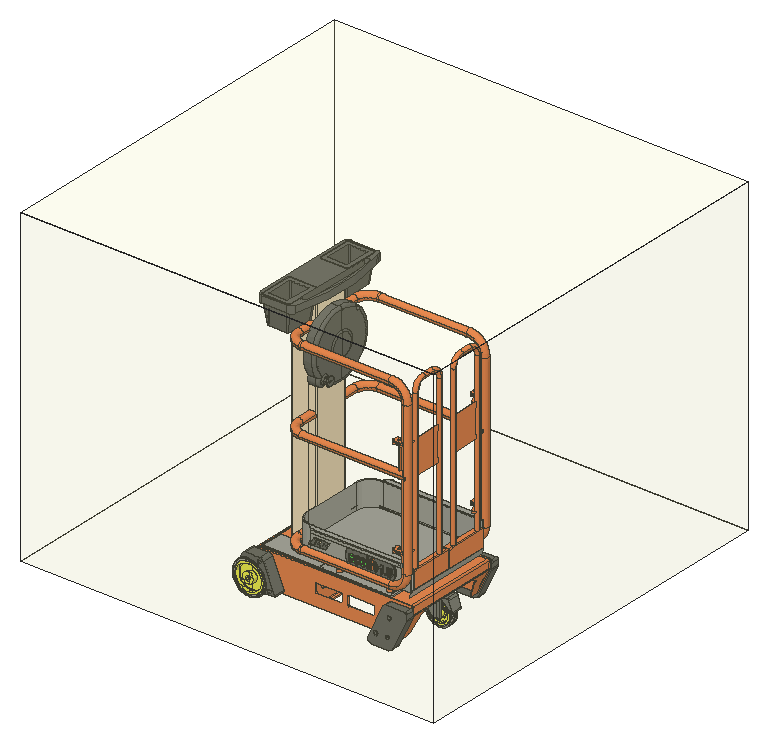
Revit family "JLG_Site_LowLevelAccess_ECOLIFT15_ORANGEa", category Site, Revit 2017 (continued)
Definition of nested family "JLG_Eco lift 1.5_Base"
  Automatic sketch dimensions
    Extrusion 15 sketch curve to Extrusion 15 sketch curve = 42.379 mm
    Extrusion 15 sketch curve to Extrusion 15 sketch curve = 0.255 mm
    Extrusion 16 sketch curve to plane 12 = 35 mm
    Extrusion 16 sketch curve to plane 11 = 6.206 mm
    Extrusion 16 sketch curve to Extrusion 16 sketch curve = 0 mm  (x5)
    plane 12 to Extrusion 16 sketch curve = 18.138 mm
    Extrusion 16 sketch curve to Extrusion 16 sketch curve = 18.109 mm  (x2)
    plane 11 to Extrusion 16 sketch curve = 17.826 mm
    Extrusion 16 sketch curve to plane 12 = 5.893 mm
    Extrusion 16 sketch curve to Extrusion 16 sketch curve = 23 mm
    Extrusion 16 sketch curve to Extrusion 16 sketch curve = 23.781 mm
    Extrusion 16 sketch curve to Extrusion 16 sketch curve = 10 mm  (x2)
    Extrusion 16 sketch curve to Extrusion 16 sketch curve = 39.483 mm
    Extrusion 16 sketch curve to Extrusion 16 sketch curve = 39.327 mm
    Extrusion 16 sketch curve to Extrusion 16 sketch curve = 5.647 mm
    Extrusion 16 sketch curve to Extrusion 16 sketch curve = 6.272 mm
    Extrusion 16 sketch curve to Extrusion 16 sketch curve = 10.517 mm  (x2)
    plane 11 to Extrusion 16 sketch curve = 48.149 mm
    Extrusion 16 sketch curve to Extrusion 16 sketch curve = 20.103 mm
    plane 12 to Extrusion 16 sketch curve = 49.216 mm
    Extrusion 16 sketch curve to Extrusion 16 sketch curve = 22.735 mm
    Extrusion 16 sketch curve to Extrusion 16 sketch curve = 49.115 mm
    Extrusion 16 sketch curve to Extrusion 16 sketch curve = 48.49 mm
    Extrusion 16 sketch curve to plane 12 = 35.098 mm
    Extrusion 16 sketch curve to Extrusion 16 sketch curve = 14.581 mm
    Extrusion 16 sketch curve to Extrusion 16 sketch curve = 15 mm
    Extrusion 16 sketch curve to Extrusion 16 sketch curve = 32.189 mm
    Extrusion 16 sketch curve to Extrusion 16 sketch curve = 53.359 mm
    Extrusion 16 sketch curve to plane 11 = 10.625 mm  (x2)
    Extrusion 16 sketch curve to Extrusion 16 sketch curve = 29.419 mm
    Extrusion 16 sketch curve to plane 11 = 35.723 mm
    Extrusion 17 sketch curve to plane 7 = 54 mm
    plane 4 to Extrusion 17 sketch curve = 20.415 mm
    Extrusion 17 sketch curve to Extrusion 17 sketch curve = 1.073 mm
    Extrusion 17 sketch curve to Extrusion 17 sketch curve = 10.376 mm
    plane 7 to Extrusion 17 sketch curve = 1.008 mm
    plane 7 to Extrusion 17 sketch curve = 11.736 mm
    Extrusion 17 sketch curve to plane 8 = 13.72 mm
    plane 8 to Extrusion 17 sketch curve = 45.231 mm
    plane 8 to Extrusion 17 sketch curve = 46.311 mm
    Extrusion 17 sketch curve to Extrusion 17 sketch curve = 7.942 mm
    Extrusion 17 sketch curve to Extrusion 17 sketch curve = 7.683 mm
    level to Extrusion 17 sketch curve = 44.917 mm
    plane 4 to Extrusion 17 sketch curve = 88.367 mm
    Extrusion 17 sketch curve to Extrusion 17 sketch curve = 115.499 mm
    Extrusion 17 sketch curve to Extrusion 17 sketch curve = 43.159 mm
    Extrusion 18 sketch curve to plane 7 = 54 mm
    plane 4 to Extrusion 18 sketch curve = 20.415 mm
    Extrusion 18 sketch curve to Extrusion 18 sketch curve = 1.073 mm
    Extrusion 18 sketch curve to Extrusion 18 sketch curve = 11.449 mm
    plane 7 to Extrusion 18 sketch curve = 1.008 mm
    plane 7 to Extrusion 18 sketch curve = 11.736 mm
    Extrusion 18 sketch curve to plane 8 = 13.72 mm
    plane 8 to Extrusion 18 sketch curve = 45.231 mm
    plane 8 to Extrusion 18 sketch curve = 46.311 mm
    Extrusion 18 sketch curve to Extrusion 18 sketch curve = 7.942 mm
    Extrusion 18 sketch curve to Extrusion 18 sketch curve = 7.683 mm
    level to Extrusion 18 sketch curve = 44.917 mm
    plane 4 to Extrusion 18 sketch curve = 88.367 mm
    Extrusion 18 sketch curve to Extrusion 18 sketch curve = 115.499 mm
    Extrusion 18 sketch curve to Extrusion 18 sketch curve = 43.159 mm
    plane 4 to Extrusion 19 sketch curve = 17.104 mm
    plane 11 to Extrusion 19 sketch curve = 94 mm
    Extrusion 19 sketch curve to Extrusion 19 sketch curve = 8 mm  (x2)
    Extrusion 19 sketch curve to Extrusion 19 sketch curve = 5.815 mm
    Extrusion 19 sketch curve to Extrusion 19 sketch curve = 0.512 mm
    Extrusion 19 sketch curve to plane 4 = 41.001 mm
    plane 12 to Extrusion 19 sketch curve = 108.069 mm
    Extrusion 19 sketch curve to Extrusion 19 sketch curve = 0.124 mm
    plane 4 to Extrusion 19 sketch curve = 16.913 mm
    Extrusion 19 sketch curve to Extrusion 19 sketch curve = 6.086 mm  (x2)
    Extrusion 20 sketch curve to plane 3 "Center (Left/Right)" = 107.397 mm
    Extrusion 20 sketch curve to Extrusion 20 sketch curve = 4 mm
    Extrusion 20 sketch curve to Extrusion 20 sketch curve = 3.91 mm
    Extrusion 20 sketch curve to Extrusion 20 sketch curve = 0.068 mm  (x2)
    Extrusion 20 sketch curve to Extrusion 20 sketch curve = 4.048 mm
    Extrusion 20 sketch curve to Extrusion 20 sketch curve = 0.045 mm
    Extrusion 20 sketch curve to Extrusion 20 sketch curve = 22.022 mm
    Extrusion 20 sketch curve to Extrusion 20 sketch curve = 21.952 mm
    level to Extrusion 20 sketch curve = 44.917 mm
    Extrusion 20 sketch curve to Extrusion 20 sketch curve = 4.023 mm
    plane 4 to Extrusion 20 sketch curve = 134.935 mm
    Extrusion 21 sketch curve to plane 3 "Center (Left/Right)" = 102.697 mm
    Extrusion 21 sketch curve to Extrusion 21 sketch curve = 10 mm  (x6)
    plane 4 to Extrusion 21 sketch curve = 13.913 mm
    plane 3 "Center (Left/Right)" to Extrusion 21 sketch curve = 47.303 mm
    Extrusion 21 sketch curve to Extrusion 21 sketch curve = 0 mm  (x2)
    Extrusion 21 sketch curve to Extrusion 21 sketch curve = 30 mm
    plane 4 to Extrusion 21 sketch curve = 23.913 mm
    plane 10 to Extrusion 21 sketch curve = 124.75 mm
    Extrusion 21 sketch curve to Extrusion 21 sketch curve = 40 mm  (x2)
    plane 11 to Extrusion 22 sketch curve = 33.362 mm
    plane 12 to Extrusion 22 sketch curve = 33.621 mm
    plane 4 to Extrusion 22 sketch curve = 43.913 mm  (x2)
    plane 10 to Extrusion 23 sketch curve = 54.75 mm
    Extrusion 23 sketch curve to Extrusion 23 sketch curve = 15 mm
    Extrusion 23 sketch curve to Extrusion 23 sketch curve = 15.667 mm
    Extrusion 23 sketch curve to plane 8 = 6 mm  (x2)
    plane 8 to Extrusion 23 sketch curve = 9 mm
    plane 1 "Center (Front/Back)" to Extrusion 23 sketch curve = 67.491 mm
    Extrusion 23 sketch curve to plane 1 "Center (Front/Back)" = 51.842 mm
    plane 1 "Center (Front/Back)" to Extrusion 24 sketch curve = 0 mm
    plane 10 to Extrusion 24 sketch curve = 0.883 mm
    plane 10 to Extrusion 25 sketch curve = 61.047 mm
    plane 10 to Extrusion 25 sketch curve = 31.485 mm
    Extrusion 25 sketch curve to Extrusion 25 sketch curve = 10.125 mm
    Extrusion 25 sketch curve to plane 8 = 20.313 mm
    Extrusion 25 sketch curve to plane 8 = 11.047 mm
    plane 8 to Extrusion 25 sketch curve = 0.448 mm
    Extrusion 25 sketch curve to plane 4 = 45.087 mm
    Extrusion 25 sketch curve to Extrusion 25 sketch curve = 10.24 mm
    plane 4 to Extrusion 25 sketch curve = 47.597 mm
    Extrusion 25 sketch curve to Extrusion 25 sketch curve = 6.118 mm
    plane 1 "Center (Front/Back)" to Extrusion 26 sketch curve = 34.741 mm
    Extrusion 26 sketch curve to Extrusion 26 sketch curve = 4 mm  (x2)
    Extrusion 26 sketch curve to Extrusion 26 sketch curve = 6 mm  (x2)
    Extrusion 26 sketch curve to Extrusion 26 sketch curve = 1 mm  (x2)
    Extrusion 26 sketch curve to plane 1 "Center (Front/Back)" = 23.741 mm
    Extrusion 26 sketch curve to plane 4 = 43.274 mm  (x2)
    plane 4 to Extrusion 26 sketch curve = 53.37 mm
    Extrusion 26 sketch curve to Extrusion 26 sketch curve = 1.482 mm
    Revolve 27 sketch curve to plane 1 "Center (Front/Back)" = 0 mm  (x2)
    plane 1 "Center (Front/Back)" to Revolve 27 sketch curve = 4.991 mm
    Revolve 27 sketch curve to Revolve 27 sketch curve = 5 mm
    Revolve 27 sketch curve to Revolve 27 sketch curve = 22.595 mm
    Revolve 27 sketch curve to Revolve 27 sketch curve = 36.764 mm
    plane 4 to Revolve 27 sketch curve = 100.079 mm
    Revolve 27 sketch curve to Revolve 27 sketch curve = 51.302 mm
    Revolve 27 sketch curve to Revolve 27 sketch curve = 3.401 mm
    Revolve 27 sketch curve to Revolve 27 sketch curve = 15 mm
    Revolve 27 sketch curve to Revolve 27 sketch curve = 8.131 mm
    Revolve 27 sketch curve to Revolve 27 sketch curve = 42.166 mm
    Revolve 27 sketch curve to Revolve 27 sketch curve = 70 mm
    plane 10 to Extrusion 28 sketch curve = 138.371 mm
    Extrusion 28 sketch curve to Extrusion 28 sketch curve = 9.403 mm
    Extrusion 28 sketch curve to Extrusion 28 sketch curve = 0.078 mm
    Extrusion 28 sketch curve to Extrusion 28 sketch curve = 18.428 mm
    Extrusion 28 sketch curve to Extrusion 28 sketch curve = 13.389 mm
    Extrusion 28 sketch curve to Extrusion 28 sketch curve = 1.535 mm
    Extrusion 28 sketch curve to Extrusion 28 sketch curve = 3.145 mm
    Extrusion 28 sketch curve to Extrusion 28 sketch curve = 18.165 mm
    Extrusion 28 sketch curve to Extrusion 28 sketch curve = 0.114 mm
    Extrusion 28 sketch curve to Extrusion 28 sketch curve = 0.359 mm
    Extrusion 28 sketch curve to Extrusion 28 sketch curve = 6.307 mm
    Extrusion 28 sketch curve to Extrusion 28 sketch curve = 0.045 mm
    Extrusion 28 sketch curve to Extrusion 28 sketch curve = 7.303 mm
    Extrusion 28 sketch curve to Extrusion 28 sketch curve = 6.8 mm
    Extrusion 28 sketch curve to Extrusion 28 sketch curve = 30.324 mm
    Extrusion 28 sketch curve to Extrusion 28 sketch curve = 8.687 mm
    Extrusion 28 sketch curve to Extrusion 28 sketch curve = 0.388 mm
    plane 4 to Extrusion 28 sketch curve = 86.71 mm
    Extrusion 28 sketch curve to Extrusion 28 sketch curve = 0.534 mm
    Extrusion 28 sketch curve to Extrusion 28 sketch curve = 2.108 mm
    Extrusion 28 sketch curve to Extrusion 28 sketch curve = 3.975 mm
    Extrusion 28 sketch curve to Extrusion 28 sketch curve = 0.313 mm
    Extrusion 28 sketch curve to Extrusion 28 sketch curve = 3.09 mm
    Extrusion 28 sketch curve to Extrusion 28 sketch curve = 14.276 mm
    Extrusion 28 sketch curve to Extrusion 28 sketch curve = 6.176 mm
    Extrusion 28 sketch curve to Extrusion 28 sketch curve = 0.713 mm
    Extrusion 28 sketch curve to Extrusion 28 sketch curve = 32.859 mm
    Extrusion 28 sketch curve to Extrusion 28 sketch curve = 12.6 mm
    Extrusion 28 sketch curve to Extrusion 28 sketch curve = 7.413 mm
    Extrusion 28 sketch curve to Extrusion 28 sketch curve = 0.838 mm
    Extrusion 28 sketch curve to Extrusion 28 sketch curve = 21.3 mm
    Extrusion 28 sketch curve to Extrusion 28 sketch curve = 0.79 mm
    Extrusion 28 sketch curve to Extrusion 28 sketch curve = 0.046 mm
    Extrusion 28 sketch curve to Extrusion 28 sketch curve = 5.409 mm
    plane 10 to Extrusion 29 sketch curve = 106.442 mm
    Extrusion 29 sketch curve to Extrusion 29 sketch curve = 4.643 mm
    Extrusion 29 sketch curve to Extrusion 29 sketch curve = 1.452 mm
    plane 10 to Extrusion 29 sketch curve = 36.769 mm
    plane 4 to Extrusion 29 sketch curve = 119.726 mm
    Extrusion 29 sketch curve to Extrusion 29 sketch curve = 37.303 mm
    Extrusion 29 sketch curve to Extrusion 29 sketch curve = 8.854 mm
    Extrusion 29 sketch curve to Extrusion 29 sketch curve = 46.785 mm
    plane 10 to Extrusion 30 sketch curve = 128.889 mm
    Extrusion 30 sketch curve to Extrusion 30 sketch curve = 27.112 mm
    Extrusion 30 sketch curve to Extrusion 30 sketch curve = 6.466 mm
    plane 4 to Extrusion 30 sketch curve = 90.998 mm
    Extrusion 30 sketch curve to Extrusion 30 sketch curve = 74.876 mm
    Extrusion 30 sketch curve to Extrusion 30 sketch curve = 22.09 mm
    plane 10 to Extrusion 31 sketch curve = 106.442 mm
    Extrusion 31 sketch curve to Extrusion 31 sketch curve = 4.643 mm
    Extrusion 31 sketch curve to Extrusion 31 sketch curve = 1.452 mm
    plane 10 to Extrusion 31 sketch curve = 36.769 mm
    plane 4 to Extrusion 31 sketch curve = 119.726 mm
    Extrusion 31 sketch curve to Extrusion 31 sketch curve = 37.303 mm
    Extrusion 31 sketch curve to Extrusion 31 sketch curve = 8.854 mm
    Extrusion 31 sketch curve to Extrusion 31 sketch curve = 46.785 mm
    Extrusion 32 sketch curve to plane 4 = 33.087 mm  (x2)
    plane 10 to Extrusion 32 sketch curve = 69.74 mm
    Extrusion 32 sketch curve to plane 10 = 0.26 mm
    Extrusion 32 sketch curve to plane 10 = 10.084 mm
    plane 4 to Extrusion 32 sketch curve = 72.913 mm
    Extrusion 33 sketch curve to plane 4 = 33.087 mm  (x2)
    plane 10 to Extrusion 33 sketch curve = 69.74 mm
    Extrusion 33 sketch curve to plane 10 = 0.26 mm
    Extrusion 33 sketch curve to plane 10 = 10.084 mm
    plane 4 to Extrusion 33 sketch curve = 72.913 mm
    plane 12 to Extrusion 34 sketch curve = 15.947 mm
    plane 4 to Extrusion 34 sketch curve = 161.194 mm
    plane 4 to Revolve 35 sketch curve = 14.583 mm
    Revolve 35 sketch curve to plane 7 = 54 mm
    plane 4 to Revolve 35 sketch curve = 1.308 mm
    Revolve 35 sketch curve to Revolve 35 sketch curve = 68.877 mm
    Revolve 35 sketch curve to Revolve 35 sketch curve = 1.153 mm
    plane 4 to Revolve 35 sketch curve = 7.421 mm
    Revolve 35 sketch curve to Revolve 35 sketch curve = 1.29 mm
    Revolve 35 sketch curve to plane 7 = 16.745 mm
    Revolve 35 sketch curve to plane 4 = 17.917 mm
    Revolve 35 sketch curve to Revolve 35 sketch curve = 47.716 mm
    Revolve 36 sketch curve to plane 4 = 14.583 mm
    plane 7 to Revolve 36 sketch curve = 54 mm
    Revolve 36 sketch curve to plane 4 = 1.308 mm
    Revolve 36 sketch curve to Revolve 36 sketch curve = 68.877 mm
    Revolve 36 sketch curve to Revolve 36 sketch curve = 1.153 mm
    Revolve 36 sketch curve to plane 4 = 7.421 mm
    Revolve 36 sketch curve to Revolve 36 sketch curve = 1.29 mm
    plane 7 to Revolve 36 sketch curve = 16.745 mm
    plane 4 to Revolve 36 sketch curve = 17.917 mm
    Revolve 36 sketch curve to Revolve 36 sketch curve = 47.716 mm
    plane 8 to Extrusion 37 sketch curve = 18 mm
    Extrusion 37 sketch curve to Extrusion 37 sketch curve = 37.554 mm
    plane 4 to Extrusion 37 sketch curve = 27.421 mm
    Extrusion 37 sketch curve to Extrusion 37 sketch curve = 2.673 mm
    Extrusion 37 sketch curve to Extrusion 37 sketch curve = 2.682 mm
    Extrusion 37 sketch curve to Extrusion 37 sketch curve = 10.452 mm
    Extrusion 37 sketch curve to Extrusion 37 sketch curve = 11.741 mm
    plane 4 to Extrusion 37 sketch curve = 15.078 mm
    Extrusion 37 sketch curve to Extrusion 37 sketch curve = 7.112 mm
    plane 4 to Extrusion 37 sketch curve = 12.221 mm
    Extrusion 37 sketch curve to Extrusion 37 sketch curve = 1.04 mm
    Extrusion 37 sketch curve to Extrusion 37 sketch curve = 10.994 mm
    plane 4 to Extrusion 37 sketch curve = 4.321 mm
    Extrusion 37 sketch curve to Extrusion 37 sketch curve = 4.936 mm
    Extrusion 37 sketch curve to Extrusion 37 sketch curve = 1.092 mm
    plane 4 to Extrusion 37 sketch curve = 5.423 mm
    Extrusion 37 sketch curve to Extrusion 37 sketch curve = 2.879 mm
    plane 4 to Extrusion 37 sketch curve = 11.803 mm
    Extrusion 37 sketch curve to Extrusion 37 sketch curve = 4.698 mm
    Extrusion 37 sketch curve to Extrusion 37 sketch curve = 3.784 mm
    Extrusion 37 sketch curve to Extrusion 37 sketch curve = 19.829 mm
    Extrusion 37 sketch curve to Extrusion 37 sketch curve = 33.576 mm
    Extrusion 37 sketch curve to Extrusion 37 sketch curve = 16.137 mm
    Extrusion 37 sketch curve to Extrusion 37 sketch curve = 3.854 mm
    Extrusion 37 sketch curve to Extrusion 37 sketch curve = 3.804 mm
    plane 10 to Extrusion 38 sketch curve = 59.75 mm
    Extrusion 38 sketch curve to Extrusion 38 sketch curve = 28.265 mm
    Extrusion 38 sketch curve to Extrusion 38 sketch curve = 10.125 mm
    Extrusion 38 sketch curve to plane 8 = 20.313 mm
    Extrusion 38 sketch curve to plane 8 = 11.047 mm
    plane 8 to Extrusion 38 sketch curve = 0.448 mm
    plane 4 to Extrusion 38 sketch curve = 59.427 mm
    Extrusion 38 sketch curve to Extrusion 38 sketch curve = 5.712 mm
    Extrusion 38 sketch curve to plane 4 = 25.371 mm
    Extrusion 38 sketch curve to Extrusion 38 sketch curve = 9.476 mm
    plane 1 "Center (Front/Back)" to Extrusion 39 sketch curve = 32.491 mm
    Extrusion 39 sketch curve to plane 1 "Center (Front/Back)" = 22.811 mm
    level to Extrusion 39 sketch curve = 42.872 mm
    plane 4 to Extrusion 39 sketch curve = 59.427 mm
    Sweep 40 sketch curve to plane 10 = 20.867 mm
    plane 12 to Sweep 40 sketch curve = 15.306 mm
    plane 8 to Sweep 40 sketch curve = 18.134 mm
    plane 12 to Sweep 40 sketch curve = 4.073 mm
    plane 8 to Sweep 40 sketch curve = 18.192 mm
    Sweep 40 sketch curve to profile plane = 20.657 mm
    level to Sweep 40 sketch curve = 261.201 mm
    Extrusion 41 sketch curve to Extrusion 41 sketch curve = 0 mm  (x3)
    plane 12 to Extrusion 41 sketch curve = 26.947 mm
    Extrusion 41 sketch curve to Extrusion 41 sketch curve = 1 mm
    Extrusion 41 sketch curve to Extrusion 41 sketch curve = 10 mm
    Extrusion 41 sketch curve to plane 12 = 3.347 mm
    plane 4 to Extrusion 41 sketch curve = 149.998 mm
    Extrusion 41 sketch curve to Extrusion 41 sketch curve = 1.121 mm
    Extrusion 41 sketch curve to Extrusion 41 sketch curve = 10.076 mm
    Extrusion 42 sketch curve to Extrusion 42 sketch curve = 0 mm  (x3)
    plane 12 to Extrusion 42 sketch curve = 26.947 mm
    Extrusion 42 sketch curve to Extrusion 42 sketch curve = 1 mm
    Extrusion 42 sketch curve to Extrusion 42 sketch curve = 10 mm
    Extrusion 42 sketch curve to plane 12 = 3.347 mm
    plane 4 to Extrusion 42 sketch curve = 161.194 mm
    Extrusion 42 sketch curve to Extrusion 42 sketch curve = 10.051 mm
    Extrusion 42 sketch curve to Extrusion 42 sketch curve = 1.121 mm
    Extrusion 44 sketch curve to plane 12 = 0.855 mm  (x2)
    plane 8 to Extrusion 44 sketch curve = 93.785 mm
    Extrusion 44 sketch curve to plane 12 = 2.746 mm
    Extrusion 44 sketch curve to Extrusion 44 sketch curve = 1.092 mm  (x3)
    plane 12 to Extrusion 44 sketch curve = 1.036 mm
    Extrusion 44 sketch curve to Extrusion 44 sketch curve = 2.183 mm  (x2)
    radius of Extrusion 6 sketch curve = 12.385 mm
    radius of Extrusion 6 sketch curve = 12.434 mm
    radius of Extrusion 8 sketch curve = 12.385 mm
    radius of Extrusion 8 sketch curve = 12.434 mm
    radius of Extrusion 22 sketch curve = 35 mm  (x2)
    radius of Extrusion 24 sketch curve = 51.921 mm
    radius of Extrusion 28 sketch curve = 5.957 mm  (x2)
    radius of Extrusion 28 sketch curve = 4.018 mm
    radius of Extrusion 30 sketch curve = 5.957 mm  (x2)
    radius of Extrusion 30 sketch curve = 4.018 mm
    radius of Extrusion 32 sketch curve = 12.666 mm  (x3)
    radius of Extrusion 33 sketch curve = 12.666 mm  (x3)
    radius of Extrusion 34 sketch curve = 10 mm
    radius of Sweep 40 sketch curve = 5 mm
Definition of nested family "JLG_Eco lift 1.5_Arm"
  Parameters (values of type "JLG_Eco lift 1.5_Arm")
    JLG_Paint_Silver Dark Grey [instance] = none
    JLG_Paint_Beige [instance] = none
    Default Elevation = 1219.2 mm
  Reference planes
    plane 1 "Center (Front/Back)": y = 0
    plane 2: z = 0
    plane 3 "Center (Left/Right)": x = 0
  Forms (mm)
    Extrusion 1, solid, material <- "JLG_Paint_Beige"
      sketch origin (0, 0, 0) x (1, 0, 0) y (0, 1, 0)
        loop
          line (64.639, 49.437) -> (-65, 49.437)
          arc (-65, 49.437) -> (-72.071, 46.508) -> (-75, 39.437) r 10
          line (-75, 39.437) -> (-75, -40.121)
          arc (-75, -40.121) -> (-71.942, -47.505) -> (-64.558, -50.563) r 10.442
          line (-64.558, -50.563) -> (65, -50.563)
          arc (65, -50.563) -> (72.071, -47.634) -> (75, -40.563) r 10
          line (75, -40.563) -> (75, 39.075)
          arc (75, 39.075) -> (71.965, 46.402) -> (64.639, 49.437) r 10.361
        loop
          line (64.639, 44.437) -> (-65, 44.437)
          arc (-65, 44.437) -> (-68.535, 42.972) -> (-70, 39.437) r 5
          line (-70, 39.437) -> (-70, -40.121)
          arc (-70, -40.121) -> (-68.406, -43.969) -> (-64.558, -45.563) r 5.442
          line (-64.558, -45.563) -> (65, -45.563)
          arc (65, -45.563) -> (68.536, -44.099) -> (70, -40.563) r 5
          line (70, -40.563) -> (70, 39.075)
          arc (70, 39.075) -> (68.43, 42.867) -> (64.639, 44.437) r 5.361
      from 0 to 1483
    Extrusion 2, solid, material <- "JLG_Paint_Beige"
      sketch origin (0, -8.5, 178.013) x (0, 1, 0) y (0, 0, 1)
        loop
          line (-5.063, 1155) -> (-30.063, 1155) -> (-30.063, 1132)
          arc (-30.063, 1132) -> (-37.563, 1124.5) -> (-45.063, 1132) r 7.5
          line (-45.063, 1132) -> (-49.063, 1132) -> (-49.063, -65) -> (-45.063, -65)
          arc (-45.063, -65) -> (-37.563, -57.5) -> (-30.063, -65) r 7.5
          line (-30.063, -65) -> (-30.063, -168) -> (-5.063, -168) -> (-5.063, 1056) -> (18.757, 1056)
          arc (18.757, 1056) -> (23.492, 1059.429) -> (29.13, 1060.978) r 16.396
          line (29.13, 1060.978) -> (34.937, 1060.142) -> (34.937, 1066)
          arc (34.937, 1066) -> (33.473, 1069.535) -> (29.937, 1071) r 5
          line (29.937, 1071) -> (-5.063, 1071) -> (-5.063, 1155)
        loop
          arc (-46.063, -47.5) -> (-44.599, -51.036) -> (-41.063, -52.5) r 5
          line (-41.063, -52.5) -> (-34.063, -52.5)
          arc (-34.063, -52.5) -> (-30.527, -51.036) -> (-29.063, -47.5) r 5
          line (-29.063, -47.5) -> (-29.063, -26.57)
          arc (-29.063, -26.57) -> (-30.548, -22.985) -> (-34.133, -21.5) r 5.07
          line (-34.133, -21.5) -> (-41.063, -21.5)
          arc (-41.063, -21.5) -> (-44.599, -22.964) -> (-46.063, -26.5) r 5
          line (-46.063, -26.5) -> (-46.063, -47.5)
        loop
          arc (-46.063, -11) -> (-44.599, -14.536) -> (-41.063, -16) r 5
          line (-41.063, -16) -> (-34.063, -16)
          arc (-34.063, -16) -> (-30.527, -14.536) -> (-29.063, -11) r 5
          line (-29.063, -11) -> (-29.063, 9.93)
          arc (-29.063, 9.93) -> (-30.548, 13.515) -> (-34.133, 15) r 5.07
          line (-34.133, 15) -> (-41.063, 15)
          arc (-41.063, 15) -> (-44.599, 13.536) -> (-46.063, 10) r 5
          line (-46.063, 10) -> (-46.063, -11)
        loop
          arc (-46.063, 25.5) -> (-44.599, 21.964) -> (-41.063, 20.5) r 5
          line (-41.063, 20.5) -> (-34.063, 20.5)
          arc (-34.063, 20.5) -> (-30.527, 21.964) -> (-29.063, 25.5) r 5
          line (-29.063, 25.5) -> (-29.063, 46.43)
          arc (-29.063, 46.43) -> (-30.548, 50.015) -> (-34.133, 51.5) r 5.07
          line (-34.133, 51.5) -> (-41.063, 51.5)
          arc (-41.063, 51.5) -> (-44.599, 50.036) -> (-46.063, 46.5) r 5
          line (-46.063, 46.5) -> (-46.063, 25.5)
        loop
          arc (-46.063, 62) -> (-44.599, 58.464) -> (-41.063, 57) r 5
          line (-41.063, 57) -> (-34.063, 57)
          arc (-34.063, 57) -> (-30.527, 58.464) -> (-29.063, 62) r 5
          line (-29.063, 62) -> (-29.063, 82.93)
          arc (-29.063, 82.93) -> (-30.548, 86.515) -> (-34.133, 88) r 5.07
          line (-34.133, 88) -> (-41.063, 88)
          arc (-41.063, 88) -> (-44.599, 86.536) -> (-46.063, 83) r 5
          line (-46.063, 83) -> (-46.063, 62)
        loop
          arc (-46.063, 98.5) -> (-44.599, 94.964) -> (-41.063, 93.5) r 5
          line (-41.063, 93.5) -> (-34.063, 93.5)
          arc (-34.063, 93.5) -> (-30.527, 94.964) -> (-29.063, 98.5) r 5
          line (-29.063, 98.5) -> (-29.063, 119.43)
          arc (-29.063, 119.43) -> (-30.548, 123.015) -> (-34.133, 124.5) r 5.07
          line (-34.133, 124.5) -> (-41.063, 124.5)
          arc (-41.063, 124.5) -> (-44.599, 123.036) -> (-46.063, 119.5) r 5
          line (-46.063, 119.5) -> (-46.063, 98.5)
        loop
          arc (-46.063, 135) -> (-44.599, 131.464) -> (-41.063, 130) r 5
          line (-41.063, 130) -> (-34.063, 130)
          arc (-34.063, 130) -> (-30.527, 131.464) -> (-29.063, 135) r 5
          line (-29.063, 135) -> (-29.063, 155.93)
          arc (-29.063, 155.93) -> (-30.548, 159.515) -> (-34.133, 161) r 5.07
          line (-34.133, 161) -> (-41.063, 161)
          arc (-41.063, 161) -> (-44.599, 159.536) -> (-46.063, 156) r 5
          line (-46.063, 156) -> (-46.063, 135)
        loop
          arc (-46.063, 171.5) -> (-44.599, 167.964) -> (-41.063, 166.5) r 5
          line (-41.063, 166.5) -> (-34.063, 166.5)
          arc (-34.063, 166.5) -> (-30.527, 167.964) -> (-29.063, 171.5) r 5
          line (-29.063, 171.5) -> (-29.063, 192.43)
          arc (-29.063, 192.43) -> (-30.548, 196.015) -> (-34.133, 197.5) r 5.07
          line (-34.133, 197.5) -> (-41.063, 197.5)
          arc (-41.063, 197.5) -> (-44.599, 196.036) -> (-46.063, 192.5) r 5
          line (-46.063, 192.5) -> (-46.063, 171.5)
        loop
          arc (-46.063, 208) -> (-44.599, 204.464) -> (-41.063, 203) r 5
          line (-41.063, 203) -> (-34.063, 203)
          arc (-34.063, 203) -> (-30.527, 204.464) -> (-29.063, 208) r 5
          line (-29.063, 208) -> (-29.063, 228.93)
          arc (-29.063, 228.93) -> (-30.548, 232.515) -> (-34.133, 234) r 5.07
          line (-34.133, 234) -> (-41.063, 234)
          arc (-41.063, 234) -> (-44.599, 232.536) -> (-46.063, 229) r 5
          line (-46.063, 229) -> (-46.063, 208)
        loop
          arc (-46.063, 244.5) -> (-44.599, 240.964) -> (-41.063, 239.5) r 5
          line (-41.063, 239.5) -> (-34.063, 239.5)
          arc (-34.063, 239.5) -> (-30.527, 240.964) -> (-29.063, 244.5) r 5
          line (-29.063, 244.5) -> (-29.063, 265.43)
          arc (-29.063, 265.43) -> (-30.548, 269.015) -> (-34.133, 270.5) r 5.07
          line (-34.133, 270.5) -> (-41.063, 270.5)
          arc (-41.063, 270.5) -> (-44.599, 269.036) -> (-46.063, 265.5) r 5
          line (-46.063, 265.5) -> (-46.063, 244.5)
        loop
          arc (-46.063, 281) -> (-44.599, 277.464) -> (-41.063, 276) r 5
          line (-41.063, 276) -> (-34.063, 276)
          arc (-34.063, 276) -> (-30.527, 277.464) -> (-29.063, 281) r 5
          line (-29.063, 281) -> (-29.063, 301.93)
          arc (-29.063, 301.93) -> (-30.548, 305.515) -> (-34.133, 307) r 5.07
          line (-34.133, 307) -> (-41.063, 307)
          arc (-41.063, 307) -> (-44.599, 305.536) -> (-46.063, 302) r 5
          line (-46.063, 302) -> (-46.063, 281)
        loop
          arc (-46.063, 317.5) -> (-44.599, 313.964) -> (-41.063, 312.5) r 5
          line (-41.063, 312.5) -> (-34.063, 312.5)
          arc (-34.063, 312.5) -> (-30.527, 313.964) -> (-29.063, 317.5) r 5
          line (-29.063, 317.5) -> (-29.063, 338.43)
          arc (-29.063, 338.43) -> (-30.548, 342.015) -> (-34.133, 343.5) r 5.07
          line (-34.133, 343.5) -> (-41.063, 343.5)
          arc (-41.063, 343.5) -> (-44.599, 342.036) -> (-46.063, 338.5) r 5
          line (-46.063, 338.5) -> (-46.063, 317.5)
        loop
          arc (-46.063, 354) -> (-44.599, 350.464) -> (-41.063, 349) r 5
          line (-41.063, 349) -> (-34.063, 349)
          arc (-34.063, 349) -> (-30.527, 350.464) -> (-29.063, 354) r 5
          line (-29.063, 354) -> (-29.063, 374.93)
          arc (-29.063, 374.93) -> (-30.548, 378.515) -> (-34.133, 380) r 5.07
          line (-34.133, 380) -> (-41.063, 380)
          arc (-41.063, 380) -> (-44.599, 378.536) -> (-46.063, 375) r 5
          line (-46.063, 375) -> (-46.063, 354)
        loop
          arc (-46.063, 390.5) -> (-44.599, 386.964) -> (-41.063, 385.5) r 5
          line (-41.063, 385.5) -> (-34.063, 385.5)
          arc (-34.063, 385.5) -> (-30.527, 386.964) -> (-29.063, 390.5) r 5
          line (-29.063, 390.5) -> (-29.063, 411.43)
          arc (-29.063, 411.43) -> (-30.548, 415.015) -> (-34.133, 416.5) r 5.07
          line (-34.133, 416.5) -> (-41.063, 416.5)
          arc (-41.063, 416.5) -> (-44.599, 415.036) -> (-46.063, 411.5) r 5
          line (-46.063, 411.5) -> (-46.063, 390.5)
        loop
          arc (-46.063, 427) -> (-44.599, 423.464) -> (-41.063, 422) r 5
          line (-41.063, 422) -> (-34.063, 422)
          arc (-34.063, 422) -> (-30.527, 423.464) -> (-29.063, 427) r 5
          line (-29.063, 427) -> (-29.063, 447.93)
          arc (-29.063, 447.93) -> (-30.548, 451.515) -> (-34.133, 453) r 5.07
          line (-34.133, 453) -> (-41.063, 453)
          arc (-41.063, 453) -> (-44.599, 451.535) -> (-46.063, 448) r 5
          line (-46.063, 448) -> (-46.063, 427)
        loop
          arc (-46.063, 463.5) -> (-44.599, 459.964) -> (-41.063, 458.5) r 5
          line (-41.063, 458.5) -> (-34.063, 458.5)
          arc (-34.063, 458.5) -> (-30.527, 459.964) -> (-29.063, 463.5) r 5
          line (-29.063, 463.5) -> (-29.063, 484.43)
          arc (-29.063, 484.43) -> (-30.548, 488.015) -> (-34.133, 489.5) r 5.07
          line (-34.133, 489.5) -> (-41.063, 489.5)
          arc (-41.063, 489.5) -> (-44.599, 488.036) -> (-46.063, 484.5) r 5
          line (-46.063, 484.5) -> (-46.063, 463.5)
        loop
          arc (-46.063, 500) -> (-44.599, 496.464) -> (-41.063, 495) r 5
          line (-41.063, 495) -> (-34.063, 495)
          arc (-34.063, 495) -> (-30.527, 496.464) -> (-29.063, 500) r 5
          line (-29.063, 500) -> (-29.063, 520.93)
          arc (-29.063, 520.93) -> (-30.548, 524.515) -> (-34.133, 526) r 5.07
          line (-34.133, 526) -> (-41.063, 526)
          arc (-41.063, 526) -> (-44.599, 524.536) -> (-46.063, 521) r 5
          line (-46.063, 521) -> (-46.063, 500)
        loop
          arc (-46.063, 536.5) -> (-44.599, 532.964) -> (-41.063, 531.5) r 5
          line (-41.063, 531.5) -> (-34.063, 531.5)
          arc (-34.063, 531.5) -> (-30.527, 532.964) -> (-29.063, 536.5) r 5
          line (-29.063, 536.5) -> (-29.063, 557.43)
          arc (-29.063, 557.43) -> (-30.548, 561.015) -> (-34.133, 562.5) r 5.07
          line (-34.133, 562.5) -> (-41.063, 562.5)
          arc (-41.063, 562.5) -> (-44.599, 561.036) -> (-46.063, 557.5) r 5
          line (-46.063, 557.5) -> (-46.063, 536.5)
        loop
          arc (-46.063, 573) -> (-44.599, 569.464) -> (-41.063, 568) r 5
          line (-41.063, 568) -> (-34.063, 568)
          arc (-34.063, 568) -> (-30.527, 569.464) -> (-29.063, 573) r 5
          line (-29.063, 573) -> (-29.063, 593.93)
          arc (-29.063, 593.93) -> (-30.548, 597.515) -> (-34.133, 599) r 5.07
          line (-34.133, 599) -> (-41.063, 599)
          arc (-41.063, 599) -> (-44.599, 597.536) -> (-46.063, 594) r 5
          line (-46.063, 594) -> (-46.063, 573)
        loop
          arc (-46.063, 609.5) -> (-44.599, 605.964) -> (-41.063, 604.5) r 5
          line (-41.063, 604.5) -> (-34.063, 604.5)
          arc (-34.063, 604.5) -> (-30.527, 605.964) -> (-29.063, 609.5) r 5
          line (-29.063, 609.5) -> (-29.063, 630.43)
          arc (-29.063, 630.43) -> (-30.548, 634.015) -> (-34.133, 635.5) r 5.07
          line (-34.133, 635.5) -> (-41.063, 635.5)
          arc (-41.063, 635.5) -> (-44.599, 634.036) -> (-46.063, 630.5) r 5
          line (-46.063, 630.5) -> (-46.063, 609.5)
        loop
          arc (-46.063, 646) -> (-44.599, 642.464) -> (-41.063, 641) r 5
          line (-41.063, 641) -> (-34.063, 641)
          arc (-34.063, 641) -> (-30.527, 642.464) -> (-29.063, 646) r 5
          line (-29.063, 646) -> (-29.063, 666.93)
          arc (-29.063, 666.93) -> (-30.548, 670.515) -> (-34.133, 672) r 5.07
          line (-34.133, 672) -> (-41.063, 672)
          arc (-41.063, 672) -> (-44.599, 670.536) -> (-46.063, 667) r 5
          line (-46.063, 667) -> (-46.063, 646)
        loop
          arc (-46.063, 682.5) -> (-44.599, 678.964) -> (-41.063, 677.5) r 5
          line (-41.063, 677.5) -> (-34.063, 677.5)
          arc (-34.063, 677.5) -> (-30.527, 678.964) -> (-29.063, 682.5) r 5
          line (-29.063, 682.5) -> (-29.063, 703.43)
          arc (-29.063, 703.43) -> (-30.548, 707.015) -> (-34.133, 708.5) r 5.07
          line (-34.133, 708.5) -> (-41.063, 708.5)
          arc (-41.063, 708.5) -> (-44.599, 707.036) -> (-46.063, 703.5) r 5
          line (-46.063, 703.5) -> (-46.063, 682.5)
        loop
          arc (-46.063, 719) -> (-44.599, 715.464) -> (-41.063, 714) r 5
          line (-41.063, 714) -> (-34.063, 714)
          arc (-34.063, 714) -> (-30.527, 715.464) -> (-29.063, 719) r 5
          line (-29.063, 719) -> (-29.063, 739.93)
          arc (-29.063, 739.93) -> (-30.548, 743.515) -> (-34.133, 745) r 5.07
          line (-34.133, 745) -> (-41.063, 745)
          arc (-41.063, 745) -> (-44.599, 743.536) -> (-46.063, 740) r 5
          line (-46.063, 740) -> (-46.063, 719)
        loop
          arc (-46.063, 755.5) -> (-44.599, 751.964) -> (-41.063, 750.5) r 5
          line (-41.063, 750.5) -> (-34.063, 750.5)
          arc (-34.063, 750.5) -> (-30.527, 751.964) -> (-29.063, 755.5) r 5
          line (-29.063, 755.5) -> (-29.063, 776.43)
          arc (-29.063, 776.43) -> (-30.548, 780.015) -> (-34.133, 781.5) r 5.07
          line (-34.133, 781.5) -> (-41.063, 781.5)
          arc (-41.063, 781.5) -> (-44.599, 780.035) -> (-46.063, 776.5) r 5
          line (-46.063, 776.5) -> (-46.063, 755.5)
        loop
          arc (-46.063, 792) -> (-44.599, 788.464) -> (-41.063, 787) r 5
          line (-41.063, 787) -> (-34.063, 787)
          arc (-34.063, 787) -> (-30.527, 788.464) -> (-29.063, 792) r 5
          line (-29.063, 792) -> (-29.063, 812.93)
          arc (-29.063, 812.93) -> (-30.548, 816.515) -> (-34.133, 818) r 5.07
          line (-34.133, 818) -> (-41.063, 818)
          arc (-41.063, 818) -> (-44.599, 816.536) -> (-46.063, 813) r 5
          line (-46.063, 813) -> (-46.063, 792)
        loop
          arc (-46.063, 828.5) -> (-44.599, 824.964) -> (-41.063, 823.5) r 5
          line (-41.063, 823.5) -> (-34.063, 823.5)
          arc (-34.063, 823.5) -> (-30.527, 824.964) -> (-29.063, 828.5) r 5
          line (-29.063, 828.5) -> (-29.063, 849.43)
          arc (-29.063, 849.43) -> (-30.548, 853.015) -> (-34.133, 854.5) r 5.07
          line (-34.133, 854.5) -> (-41.063, 854.5)
          arc (-41.063, 854.5) -> (-44.599, 853.036) -> (-46.063, 849.5) r 5
          line (-46.063, 849.5) -> (-46.063, 828.5)
        loop
          arc (-46.063, 865) -> (-44.599, 861.464) -> (-41.063, 860) r 5
          line (-41.063, 860) -> (-34.063, 860)
          arc (-34.063, 860) -> (-30.527, 861.464) -> (-29.063, 865) r 5
          line (-29.063, 865) -> (-29.063, 885.93)
          arc (-29.063, 885.93) -> (-30.548, 889.515) -> (-34.133, 891) r 5.07
          line (-34.133, 891) -> (-41.063, 891)
          arc (-41.063, 891) -> (-44.599, 889.536) -> (-46.063, 886) r 5
          line (-46.063, 886) -> (-46.063, 865)
        loop
          arc (-46.063, 901.5) -> (-44.599, 897.964) -> (-41.063, 896.5) r 5
          line (-41.063, 896.5) -> (-34.063, 896.5)
          arc (-34.063, 896.5) -> (-30.527, 897.964) -> (-29.063, 901.5) r 5
          line (-29.063, 901.5) -> (-29.063, 922.43)
          arc (-29.063, 922.43) -> (-30.548, 926.015) -> (-34.133, 927.5) r 5.07
          line (-34.133, 927.5) -> (-41.063, 927.5)
          arc (-41.063, 927.5) -> (-44.599, 926.036) -> (-46.063, 922.5) r 5
          line (-46.063, 922.5) -> (-46.063, 901.5)
        loop
          arc (-46.063, 938) -> (-44.599, 934.464) -> (-41.063, 933) r 5
          line (-41.063, 933) -> (-34.063, 933)
          arc (-34.063, 933) -> (-30.527, 934.464) -> (-29.063, 938) r 5
          line (-29.063, 938) -> (-29.063, 958.93)
          arc (-29.063, 958.93) -> (-30.548, 962.515) -> (-34.133, 964) r 5.07
          line (-34.133, 964) -> (-41.063, 964)
          arc (-41.063, 964) -> (-44.599, 962.535) -> (-46.063, 959) r 5
          line (-46.063, 959) -> (-46.063, 938)
        loop
          arc (-46.063, 974.5) -> (-44.599, 970.964) -> (-41.063, 969.5) r 5
          line (-41.063, 969.5) -> (-34.063, 969.5)
          arc (-34.063, 969.5) -> (-30.527, 970.964) -> (-29.063, 974.5) r 5
          line (-29.063, 974.5) -> (-29.063, 995.43)
          arc (-29.063, 995.43) -> (-30.548, 999.015) -> (-34.133, 1000.5) r 5.07
          line (-34.133, 1000.5) -> (-41.063, 1000.5)
          arc (-41.063, 1000.5) -> (-44.599, 999.036) -> (-46.063, 995.5) r 5
          line (-46.063, 995.5) -> (-46.063, 974.5)
        loop
          arc (-46.063, 1011) -> (-44.599, 1007.464) -> (-41.063, 1006) r 5
          line (-41.063, 1006) -> (-34.063, 1006)
          arc (-34.063, 1006) -> (-30.527, 1007.464) -> (-29.063, 1011) r 5
          line (-29.063, 1011) -> (-29.063, 1031.93)
          arc (-29.063, 1031.93) -> (-30.548, 1035.515) -> (-34.133, 1037) r 5.07
          line (-34.133, 1037) -> (-41.063, 1037)
          arc (-41.063, 1037) -> (-44.599, 1035.536) -> (-46.063, 1032) r 5
          line (-46.063, 1032) -> (-46.063, 1011)
        loop
          arc (-46.063, 1047.5) -> (-44.599, 1043.964) -> (-41.063, 1042.5) r 5
          line (-41.063, 1042.5) -> (-34.063, 1042.5)
          arc (-34.063, 1042.5) -> (-30.527, 1043.964) -> (-29.063, 1047.5) r 5
          line (-29.063, 1047.5) -> (-29.063, 1068.43)
          arc (-29.063, 1068.43) -> (-30.548, 1072.015) -> (-34.133, 1073.5) r 5.07
          line (-34.133, 1073.5) -> (-41.063, 1073.5)
          arc (-41.063, 1073.5) -> (-44.599, 1072.036) -> (-46.063, 1068.5) r 5
          line (-46.063, 1068.5) -> (-46.063, 1047.5)
        loop
          arc (-46.063, 1083.75) -> (-44.599, 1080.214) -> (-41.063, 1078.75) r 5
          line (-41.063, 1078.75) -> (-34.063, 1078.75)
          arc (-34.063, 1078.75) -> (-30.527, 1080.214) -> (-29.063, 1083.75) r 5
          line (-29.063, 1083.75) -> (-29.063, 1104.68)
          arc (-29.063, 1104.68) -> (-30.548, 1108.265) -> (-34.133, 1109.75) r 5.07
          line (-34.133, 1109.75) -> (-41.063, 1109.75)
          arc (-41.063, 1109.75) -> (-44.599, 1108.286) -> (-46.063, 1104.75) r 5
          line (-46.063, 1104.75) -> (-46.063, 1083.75)
      from 80.416 to 74.941
    Extrusion 3, solid, material <- "JLG_Paint_Silver Dark Grey"
      sketch origin (0, 0, 0) x (1, 0, 0) y (0, 0, 1)
        loop
          line (-60, 1230) -> (-60, 20) -> (60, 20) -> (60, 1230) -> (-60, 1230)
      from 50.563 to 59.763
  Dimensions and locks
    aligned and locked: plane 2 to level
Definition of nested family "JLG_Eco lift 1.5_Platform"
  Parameters (values of type "JLG_Eco lift 1.5_Platform")
    Working Area [instance] = yes
    JLG_Steel [instance] = none
    JLG_Plastic_Green [instance] = none
    JLG_Plastic_Dark Grey [instance] = none
    JLG_Paint_White [instance] = none
    JLG_Paint_Silver Dark Grey [instance] = none
    JLG_Paint_Orange [instance] = none
    JLG_Paint_Black [instance] = none
    JLG_Paint_Beige [instance] = none
    Default Elevation = 1219.2 mm
  Reference planes
    plane 1 "Center (Front/Back)": y = 0
    plane 2: z = 0
    plane 3 "Center (Left/Right)": x = 0
    plane 4 "1": y = -285.004
    plane 5: z = 1112.846
    plane 6: y = 285.004
    plane 7: z = 843.966
    plane 8: y = 300
    plane 9: y = -300
    plane 10: x = 26.45
    plane 11: x = 746.45
    plane 12: y = 300
    plane 13: y = -300
    plane 14: x = 749.319
    plane 15: x = 29.319
  Forms (mm)
    Sweep 1, solid, material <- "JLG_Paint_Orange"
      path origin (132.05, -285.004, 1219.2) x (-1, 0, 0) y (0, 0, 1)
        loop
          line (-9.645, -128.166) -> (-524.645, -128.166)
          arc (-524.645, -128.166) -> (-588.284, -154.526) -> (-614.645, -218.166) r 90
          line (-614.645, -218.166) -> (-614.645, -1108.2)
          arc (-614.645, -1108.2) -> (-588.284, -1171.84) -> (-524.645, -1198.2) r 90
          line (-524.645, -1198.2) -> (-9.645, -1198.2)
      profile origin (399.195, -285.004, 1091.034) x (0, 0, -1) y (0, 1, 0)
        loop
          circle (0, 0) r 21.2
    Sweep 2, solid, material <- "JLG_Paint_Orange"
      path origin (0, 0, 0) x (1, 0, 0) y (0, 1, 0)
        loop
          line (141.695, -285.004) -> (132.05, -285.004)
          arc (132.05, -285.004) -> (72.087, -260.167) -> (47.25, -200.204) r 84.8
          line (47.25, -200.204) -> (47.25, -100.204)
      profile origin (136.872, -285.004, 0) x (0, -1, 0) y (0, 0, 1)
        loop
          circle (0, 21) r 21.2
    Sweep 3, solid, material <- "JLG_Paint_Orange"
      path origin (0, 0, 0) x (1, 0, 0) y (0, 1, 0)
        loop
          line (141.695, -285.004) -> (132.05, -285.004)
          arc (132.05, -285.004) -> (72.087, -260.167) -> (47.25, -200.204) r 84.8
          line (47.25, -200.204) -> (47.25, -100.204)
      profile origin (136.872, -285.004, 0) x (0, -1, 0) y (0, 0, 1)
        loop
          circle (0, 1091.034) r 21.2
    Sweep 4, solid, material <- "JLG_Paint_Orange"
      path origin (132.05, 285.004, 1219.2) x (-1, 0, 0) y (0, 0, 1)
        loop
          line (-9.645, -128.166) -> (-524.645, -128.166)
          arc (-524.645, -128.166) -> (-588.284, -154.526) -> (-614.645, -218.166) r 90
          line (-614.645, -218.166) -> (-614.645, -1108.2)
          arc (-614.645, -1108.2) -> (-588.284, -1171.84) -> (-524.645, -1198.2) r 90
          line (-524.645, -1198.2) -> (-9.645, -1198.2)
      profile origin (399.195, 285.004, 1091.034) x (0, 0, 1) y (0, -1, 0)
        loop
          circle (0, 0) r 21.2
    Sweep 5, solid, material <- "JLG_Paint_Orange"
      path origin (0, 0, 0) x (1, 0, 0) y (0, -1, 0)
        loop
          line (141.695, -285.004) -> (132.05, -285.004)
          arc (132.05, -285.004) -> (72.087, -260.167) -> (47.25, -200.204) r 84.8
          line (47.25, -200.204) -> (47.25, -100.204)
      profile origin (136.872, 285.004, 0) x (0, -1, 0) y (0, 0, 1)
        loop
          circle (0, 21) r 21.2
    Sweep 6, solid, material <- "JLG_Paint_Orange"
      path origin (0, 0, 0) x (1, 0, 0) y (0, -1, 0)
        loop
          line (141.695, -285.004) -> (132.05, -285.004)
          arc (132.05, -285.004) -> (72.087, -260.167) -> (47.25, -200.204) r 84.8
          line (47.25, -200.204) -> (47.25, -100.204)
      profile origin (136.872, 285.004, 0) x (0, -1, 0) y (0, 0, 1)
        loop
          circle (0, 1091.034) r 21.2
    Sweep 7, solid, material <- "JLG_Paint_Orange"
      path origin (0, 0, 0) x (1, 0, 0) y (0, 1, 0)
        loop
          line (47.329, -100.204) -> (47.329, -200.287)
          arc (47.329, -200.287) -> (72.143, -260.194) -> (132.05, -285.008) r 84.721
          line (132.05, -285.008) -> (749.319, -285.008)
      profile origin (47.329, -150.245, 0) x (1, 0, 0) y (0, 0, 1)
        loop
          circle (-0.079, 619.8) r 21.2
    Sweep 8, solid, material <- "JLG_Paint_Orange"
      path origin (0, 0, 0) x (1, 0, 0) y (0, -1, 0)
        loop
          line (47.329, -100.204) -> (47.329, -200.287)
          arc (47.329, -200.287) -> (72.143, -260.194) -> (132.05, -285.008) r 84.721
          line (132.05, -285.008) -> (749.319, -285.008)
      profile origin (47.329, 150.245, 0) x (-1, 0, 0) y (0, 0, 1)
        loop
          circle (0.079, 619.8) r 21.2
    Sweep 9, solid, material <- "JLG_Paint_Orange"
      path origin (0, 0, 0) x (0, 1, 0) y (0, 0, 1)
        loop
          line (-226.368, 117.8) -> (-226.368, 1040.354)
          arc (-226.368, 1040.354) -> (-209.914, 1080.078) -> (-170.19, 1096.532) r 56.178
          line (-170.19, 1096.532) -> (-107.011, 1096.532)
          arc (-107.011, 1096.532) -> (-67.287, 1080.078) -> (-50.833, 1040.354) r 56.178
          line (-50.833, 1040.354) -> (-50.833, 117.8)
      profile origin (0, -226.368, 579.077) x (0, -1, 0) y (1, 0, 0)
        loop
          circle (0, 750) r 12.5
    Sweep 10, solid, material <- "JLG_Paint_Orange"
      path origin (0, 0, 0) x (0, -1, 0) y (0, 0, 1)
        loop
          line (-226.368, 117.8) -> (-226.368, 1040.354)
          arc (-226.368, 1040.354) -> (-209.914, 1080.078) -> (-170.19, 1096.532) r 56.178
          line (-170.19, 1096.532) -> (-107.011, 1096.532)
          arc (-107.011, 1096.532) -> (-67.287, 1080.078) -> (-50.833, 1040.354) r 56.178
          line (-50.833, 1040.354) -> (-50.833, 117.8)
      profile origin (0, 226.368, 579.077) x (0, -1, 0) y (1, 0, 0)
        loop
          circle (0, 750) r 12.5
    Extrusion 11, solid, material <- "JLG_Paint_Silver Dark Grey"
      sketch origin (0, 0, 0) x (1, 0, 0) y (0, 1, 0)
        loop
          arc (166.45, 265.796) -> (102.81, 239.436) -> (76.45, 175.796) r 90
          line (76.45, 175.796) -> (76.45, -175.796)
          arc (76.45, -175.796) -> (102.81, -239.436) -> (166.45, -265.796) r 90
          line (166.45, -265.796) -> (751.45, -265.796) -> (751.45, -260.996) -> (166.45, -260.996)
          arc (166.45, -260.996) -> (106.346, -236.1) -> (81.45, -175.996) r 85
          line (81.45, -175.996) -> (81.45, 175.088)
          arc (81.45, 175.088) -> (106.612, 235.834) -> (167.358, 260.996) r 85.908
          line (167.358, 260.996) -> (751.45, 260.996) -> (751.45, 265.796) -> (166.45, 265.796)
      from 0 to 149.329
    Extrusion 12, solid, material <- "JLG_Paint_Orange"
      sketch origin (0, 0, 0) x (1, 0, 0) y (0, 0, 1)
        loop
          line (733.603, 117.8) -> (733.603, 114.8) -> (759.571, 114.8)
          arc (759.571, 114.8) -> (760.263, 114.513) -> (760.55, 113.821) r 0.979
          line (760.55, 113.821) -> (760.55, 17.8) -> (763.55, 17.8) -> (763.55, 113.634)
          arc (763.55, 113.634) -> (762.33, 116.58) -> (759.384, 117.8) r 4.166
          line (759.384, 117.8) -> (733.603, 117.8)
      from 4.354 to 249.354
    Extrusion 13, solid, material <- "JLG_Paint_Silver Dark Grey"
      sketch origin (0, 0, 0) x (1, 0, 0) y (0, 0, 1)
        loop
          line (747.109, -24.62) -> (750.063, -25.141) -> (754.398, -0.554)
          arc (754.398, -0.554) -> (753.759, 1.915) -> (751.45, 3) r 3
          line (751.45, 3) -> (751.45, 0) -> (747.109, -24.62)
      from -262.245 to 264.564
    Extrusion 14, solid, material <- "JLG_Paint_Orange"
      sketch origin (0, 0, 0) x (1, 0, 0) y (0, 0, 1)
        loop
          line (733.603, 117.8) -> (733.603, 114.8) -> (759.571, 114.8)
          arc (759.571, 114.8) -> (760.263, 114.513) -> (760.55, 113.821) r 0.979
          line (760.55, 113.821) -> (760.55, 17.8) -> (763.55, 17.8) -> (763.55, 113.634)
          arc (763.55, 113.634) -> (762.33, 116.58) -> (759.384, 117.8) r 4.166
          line (759.384, 117.8) -> (733.603, 117.8)
      from -249.793 to -4.467
    Extrusion 15, solid, material <- "JLG_Paint_Orange"
      sketch origin (0, 0, 0) x (0, 1, 0) y (0, 0, 1)
        loop
          line (-213.854, 790.8) -> (-213.854, 765.8)
          arc (-213.854, 765.8) -> (-210.318, 764.335) -> (-208.854, 760.8) r 5
          line (-208.854, 760.8) -> (-208.854, 625.8)
          arc (-208.854, 625.8) -> (-210.318, 622.264) -> (-213.854, 620.8) r 5
          line (-213.854, 620.8) -> (-213.854, 595.8) -> (-63.854, 595.8) -> (-63.854, 620.8)
          arc (-63.854, 620.8) -> (-67.389, 622.264) -> (-68.854, 625.8) r 5
          line (-68.854, 625.8) -> (-68.854, 760.8)
          arc (-68.854, 760.8) -> (-67.389, 764.335) -> (-63.854, 765.8) r 5
          line (-63.854, 765.8) -> (-63.854, 790.8) -> (-213.854, 790.8)
        loop
          line (213.854, 790.8) -> (63.854, 790.8) -> (63.854, 765.8)
          arc (63.854, 765.8) -> (67.389, 764.335) -> (68.854, 760.8) r 5
          line (68.854, 760.8) -> (68.854, 625.8)
          arc (68.854, 625.8) -> (67.389, 622.264) -> (63.854, 620.8) r 5
          line (63.854, 620.8) -> (63.854, 595.8) -> (213.854, 595.8) -> (213.854, 620.8)
          arc (213.854, 620.8) -> (210.318, 622.264) -> (208.854, 625.8) r 5
          line (208.854, 625.8) -> (208.854, 760.8)
          arc (208.854, 760.8) -> (210.318, 764.335) -> (213.854, 765.8) r 5
          line (213.854, 765.8) -> (213.854, 790.8)
      from 747.05 to 751.05
    Extrusion 16, solid, material <- "JLG_Paint_Orange"
      sketch origin (0, 0, 0) x (1, 0, 0) y (0, 1, 0)
        loop
          arc (340.487, -286.056) -> (355.45, -301.019) -> (370.413, -286.056) r 14.963
          line (370.413, -286.056) -> (390.384, -2.166)
          arc (390.384, -2.166) -> (390.46, -0.004) -> (390.384, 2.158) r 30.81
          line (390.384, 2.158) -> (370.413, 286.049)
          arc (370.413, 286.049) -> (355.45, 301.012) -> (340.487, 286.049) r 14.963
          line (340.487, 286.049) -> (320.516, 2.157)
          arc (320.516, 2.157) -> (320.44, -0.004) -> (320.516, -2.164) r 30.788
          line (320.516, -2.164) -> (340.487, -286.056)
        loop
          circle (355.45, 209.996) r 6
        loop
          circle (355.45, 285.043) r 6
        loop
          circle (355.45, -210.004) r 6
        loop
          circle (355.45, -285.05) r 6
        loop
          arc (635.487, -286.056) -> (650.45, -301.019) -> (665.413, -286.056) r 14.963
          line (665.413, -286.056) -> (685.384, -2.166)
          arc (685.384, -2.166) -> (685.46, -0.004) -> (685.384, 2.158) r 30.81
          line (685.384, 2.158) -> (665.413, 286.049)
          arc (665.413, 286.049) -> (650.45, 301.012) -> (635.487, 286.049) r 14.963
          line (635.487, 286.049) -> (615.516, 2.157)
          arc (615.516, 2.157) -> (615.44, -0.004) -> (615.516, -2.164) r 30.788
          line (615.516, -2.164) -> (635.487, -286.056)
        loop
          circle (650.45, 209.996) r 6
        loop
          circle (650.45, 285.043) r 6
        loop
          circle (650.45, -210.004) r 6
        loop
          circle (650.45, -285.05) r 6
      from -12.188 to 0
    Extrusion 17, solid, material <- "JLG_Paint_Silver Dark Grey"
      sketch origin (0, 0, 0) x (0, 1, 0) y (0, 0, 1)
        loop
          arc (-293.054, 153) -> (-295.14, 152.136) -> (-296.004, 150.05) r 2.95
          line (-296.004, 150.05) -> (-296.004, 133) -> (-293.004, 133) -> (-293.004, 150.008) -> (-261.011, 150.008)
          arc (-261.011, 150.008) -> (-261.888, 152.124) -> (-264.004, 153) r 2.992
          line (-264.004, 153) -> (-293.054, 153)
        loop
          line (293.054, 153) -> (264.004, 153)
          arc (264.004, 153) -> (261.888, 152.124) -> (261.011, 150.008) r 2.992
          line (261.011, 150.008) -> (293.004, 150.008) -> (293.004, 133) -> (296.004, 133) -> (296.004, 150.05)
          arc (296.004, 150.05) -> (295.14, 152.136) -> (293.054, 153) r 2.95
      from 167.727 to 721.442
    Extrusion 18, void
      sketch origin (0, 0, 0) x (1, 0, 0) y (0, 1, 0)
        loop
          line (167.727, -271.281) -> (167.727, -293.721)
          arc (167.727, -293.721) -> (166.533, -296.877) -> (164.584, -299.632) r 13.328
          line (164.584, -299.632) -> (189.155, -299.632)
          arc (189.155, -299.632) -> (190.992, -296.674) -> (189.836, -293.389) r 4.028
          line (189.836, -293.389) -> (167.727, -271.281)
      from 133 to 159.321
    Extrusion 19, void
      sketch origin (0, 0, 0) x (1, 0, 0) y (0, 1, 0)
        loop
          line (167.727, 271.281) -> (189.836, 293.389)
          arc (189.836, 293.389) -> (190.992, 296.674) -> (189.155, 299.632) r 4.028
          line (189.155, 299.632) -> (164.584, 299.632)
          arc (164.584, 299.632) -> (166.533, 296.877) -> (167.727, 293.721) r 13.328
          line (167.727, 293.721) -> (167.727, 271.281)
      from 133 to 159.321
    Extrusion 20, solid
      sketch origin (0, 0, 0) x (1, 0, 0) y (0, 1, 0)
        loop
          line (-94.25, 299.9) -> (-94.25, -300.149)
          arc (-94.25, -300.149) -> (-85.945, -320.198) -> (-65.895, -328.503) r 28.355
          line (-65.895, -328.503) -> (78.158, -328.503)
          arc (78.158, -328.503) -> (99.373, -321.341) -> (111.905, -302.786) r 35
          arc (111.905, -302.786) -> (152.31, -7.979) -> (114.247, 287.139) r 1128.407
          line (114.247, 287.139) -> (108.912, 307.155)
          arc (108.912, 307.155) -> (98.65, 322.544) -> (81.137, 328.496) r 28.745
          line (81.137, 328.496) -> (-65.654, 328.496)
          arc (-65.654, 328.496) -> (-85.874, 320.12) -> (-94.25, 299.9) r 28.595
        loop
          line (-70.484, 111.513) -> (69.969, 111.513)
          arc (69.969, 111.513) -> (78.641, 115.105) -> (82.233, 123.777) r 12.263
          line (82.233, 123.777) -> (82.233, 304.506)
          arc (82.233, 304.506) -> (78.726, 312.972) -> (70.26, 316.479) r 11.973
          line (70.26, 316.479) -> (-69.971, 316.479)
          arc (-69.971, 316.479) -> (-78.641, 312.887) -> (-82.233, 304.217) r 12.262
          line (-82.233, 304.217) -> (-82.233, 123.262)
          arc (-82.233, 123.262) -> (-78.791, 114.955) -> (-70.484, 111.513) r 11.749
        loop
          arc (-70.484, -111.513) -> (-78.791, -114.955) -> (-82.233, -123.262) r 11.749
          line (-82.233, -123.262) -> (-82.233, -304.217)
          arc (-82.233, -304.217) -> (-78.641, -312.887) -> (-69.971, -316.479) r 12.262
          line (-69.971, -316.479) -> (70.26, -316.479)
          arc (70.26, -316.479) -> (78.726, -312.972) -> (82.233, -304.506) r 11.973
          line (82.233, -304.506) -> (82.233, -123.777)
          arc (82.233, -123.777) -> (78.641, -115.105) -> (69.969, -111.513) r 12.263
          line (69.969, -111.513) -> (-70.484, -111.513)
        loop
          arc (85.25, -225.463) -> (99.52, -241.714) -> (116.891, -228.832) r 15.964
          line (116.891, -228.832) -> (126.493, -178.51)
          arc (126.493, -178.51) -> (143.37, -0.004) -> (126.493, 178.502) r 952.451
          line (126.493, 178.502) -> (116.891, 228.824)
          arc (116.891, 228.824) -> (99.556, 241.366) -> (85.25, 225.456) r 16
          line (85.25, 225.456) -> (85.25, -225.463)
      from 1260 to 1299.951
    Blend 21, solid
      base sketch origin (0, 0, 0) x (1, 0, 0) y (0, 1, 0)
        loop
          arc (57.691, 132.027) -> (61.226, 133.492) -> (62.691, 137.027) r 5
          line (62.691, 137.027) -> (62.691, 290.604)
          arc (62.691, 290.604) -> (60.834, 295.087) -> (56.35, 296.945) r 6.341
          line (56.35, 296.945) -> (-58.031, 296.945)
          arc (-58.031, 296.945) -> (-60.644, 295.862) -> (-61.726, 293.249) r 3.695
          line (-61.726, 293.249) -> (-61.726, 137.71)
          arc (-61.726, 137.71) -> (-60.062, 133.692) -> (-56.044, 132.027) r 5.682
          line (-56.044, 132.027) -> (57.691, 132.027)
      top sketch origin (0, 0, 0) x (1, 0, 0) y (0, 1, 0)
        loop
          line (-70.275, 111.521) -> (70.05, 111.521)
          arc (70.05, 111.521) -> (78.664, 115.09) -> (82.233, 123.704) r 12.183
          line (82.233, 123.704) -> (82.233, 304.328)
          arc (82.233, 304.328) -> (78.672, 312.925) -> (70.074, 316.487) r 12.158
          line (70.074, 316.487) -> (-70.189, 316.487)
          arc (-70.189, 316.487) -> (-78.705, 312.959) -> (-82.233, 304.443) r 12.044
          line (-82.233, 304.443) -> (-82.233, 123.479)
          arc (-82.233, 123.479) -> (-78.73, 115.024) -> (-70.275, 111.521) r 11.958
      from 1133.179 to 1299.951
    Extrusion 22, void
      sketch origin (0, 0, 0) x (1, 0, 0) y (0, 1, 0)
        loop
          line (51.691, 291.945) -> (-50.726, 291.945)
          arc (-50.726, 291.945) -> (-54.969, 290.187) -> (-56.726, 285.945) r 6
          line (-56.726, 285.945) -> (-56.726, 143.027)
          arc (-56.726, 143.027) -> (-54.969, 138.785) -> (-50.726, 137.027) r 6
          line (-50.726, 137.027) -> (51.691, 137.027)
          arc (51.691, 137.027) -> (55.933, 138.785) -> (57.691, 143.027) r 6
          line (57.691, 143.027) -> (57.691, 285.945)
          arc (57.691, 285.945) -> (55.933, 290.187) -> (51.691, 291.945) r 6
      from 1139.277 to 1374.226
    Blend 23, solid
      base sketch origin (0, 0, 0) x (1, 0, 0) y (0, 1, 0)
        loop
          line (57.691, -132.027) -> (-56.044, -132.027)
          arc (-56.044, -132.027) -> (-60.062, -133.692) -> (-61.726, -137.71) r 5.682
          line (-61.726, -137.71) -> (-61.726, -293.249)
          arc (-61.726, -293.249) -> (-60.644, -295.862) -> (-58.031, -296.945) r 3.695
          line (-58.031, -296.945) -> (56.35, -296.945)
          arc (56.35, -296.945) -> (60.834, -295.087) -> (62.691, -290.604) r 6.341
          line (62.691, -290.604) -> (62.691, -137.027)
          arc (62.691, -137.027) -> (61.226, -133.492) -> (57.691, -132.027) r 5
      top sketch origin (0, 0, 0) x (1, 0, 0) y (0, 1, 0)
        loop
          arc (-70.275, -111.521) -> (-78.73, -115.024) -> (-82.233, -123.479) r 11.958
          line (-82.233, -123.479) -> (-82.233, -304.443)
          arc (-82.233, -304.443) -> (-78.705, -312.959) -> (-70.189, -316.487) r 12.044
          line (-70.189, -316.487) -> (70.074, -316.487)
          arc (70.074, -316.487) -> (78.672, -312.925) -> (82.233, -304.328) r 12.158
          line (82.233, -304.328) -> (82.233, -123.704)
          arc (82.233, -123.704) -> (78.664, -115.09) -> (70.05, -111.521) r 12.183
          line (70.05, -111.521) -> (-70.275, -111.521)
      from 1133.179 to 1299.951
    Extrusion 24, void
      sketch origin (0, 0, 0) x (1, 0, 0) y (0, 1, 0)
        loop
          line (51.676, -137.027) -> (-50.741, -137.027)
          arc (-50.741, -137.027) -> (-54.984, -138.785) -> (-56.741, -143.027) r 6
          line (-56.741, -143.027) -> (-56.741, -285.945)
          arc (-56.741, -285.945) -> (-54.984, -290.187) -> (-50.741, -291.945) r 6
          line (-50.741, -291.945) -> (51.676, -291.945)
